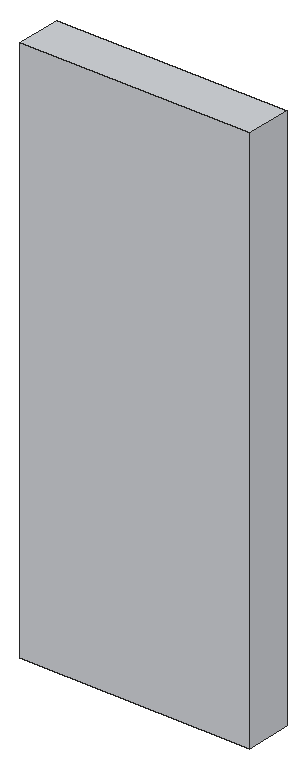
Revit family "Access Restriction Device", category Generic Models, Revit 2024
Family settings
  Can host rebar = No
  Round Connector Dimension = Use Diameter
  Part Type = Normal
  Work Plane-Based = No
  Always vertical = Yes
  Cut with Voids When Loaded = No
  Maintain Annotation Orientation = No
  Shared = No
  Room Calculation Point = No
Parameters
  Width of Lower Outer Decking = 0 mm
  Width = 500 mm
  Vertical distance between Handrail and Device = 0 mm
  Thickness = 100 mm
  Height = 1200 mm
  Default Elevation = 0 mm
  Combined Balustrade Decking Width = 0 mm
Reference planes
  plane 1 "Center (Front/Back)": y = 0
  plane 2: z = 0
  plane 3 "Center (Left/Right)": x = 0
  plane 4: x = 500
Forms (mm)
  Extrusion 1, solid
    sketch origin (0, 0, 0) x (0, 1, 0) y (0, 0, 1)
      loop
        line (0, 0) -> (100, 0) -> (100, 1200) -> (0, 1200) -> (0, 0)
    from 0 to 500
Dimensions and locks
  "Thickness": Extrusion 1 sketch curve to Extrusion 1 sketch curve
  "Height": Extrusion 1 sketch curve to Extrusion 1 sketch curve
  "Width": plane 4 to plane 3 "Center (Left/Right)"
  aligned and locked: level to plane 2
  aligned and locked: plane 4 to Extrusion 1
Automatic sketch dimensions
  Extrusion 1 sketch curve to plane 1 "Center (Front/Back)" = 0 mm
  Extrusion 1 sketch curve to level = 0 mm
